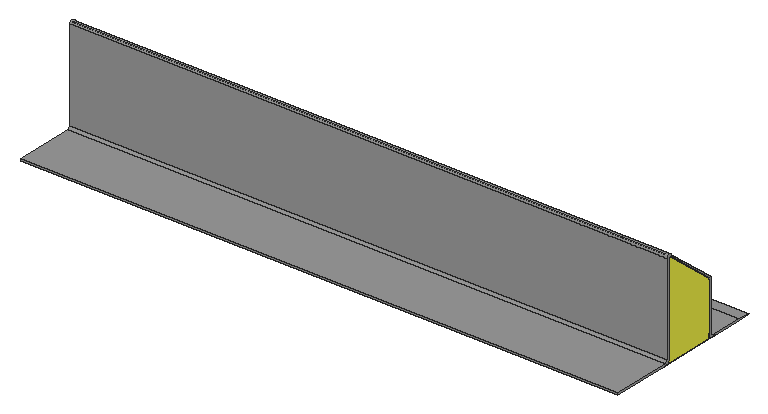
Revit family "XHD K 110 WIL", category Generic Models, Revit 2014
Parameters (values of type "Max lintel length 2100mm")
  URL = "http://www.keystonelintels.co.uk"
  Structural Opening [instance] = 900 mm
  Structural Performance = "The Keystone lintel range has safe working loads as detailed in each applicable loading table in the Keystone Lintel Guide brochure. The structural performance figures within each table have been ascertained by testing in accordance with the requirements of standards BS EN 5977-2: 1983 and BS EN 845-2: 2003."
  RIBA Productor Selector = "available for Keystone Lintels Ltd from Keystone Lintels Ltd from ribaproductselector.com"
  Model = "XHD/K 110 WIL"
  Min Length = 600 mm
  Min Clear Span = 300 mm
  Max Length = 2100 mm
  Max Clear Span = 2100 mm
  Material - Stainless Steel = "Grade 304 2b 1.4307 to BS EN 10088-2. Other grades available on request: contact manufacturer."
  Material - Galvanised Steel = "To BS EN 10346: 2009. DX51D plus Z600 or grade Z275 to BS 5977-2: 1983 (BS EN 845-2: 2003)."
  Manufacturer = "Keystone"
  Manufactured Length [instance] = (roundup(Effective Length / 150 mm) * 150 mm)  # 1200 mm
  Lintel height [instance] = 2100 mm
  Keynote = "F30/755"
  Fire Performance = "Keystone lintels have been subjected to a fire test (WARRES No. 101263) in accordance with BS 476-20: 1987, at Exova Warrington Fire and achieved a one hour fire performance."
  End Bearing = 150 mm
  Effective Length [instance] = Clear Opening with MIN MAX set + End Bearing * 2  # 1200 mm
  Corrosion = "Keystone’s standard range of lintels are manufactured from high quality grade pre-galvanized carbon steel with a zinc coating of 600"
  Contact Tel = "+44 (0)28 8676 2184"
  Contact Email = "info@keystonelintels.co.uk"
  Clear Opening with MIN MAX set [instance] = if(Structural Opening < Min Clear Span, Min Clear Span, (if(Structural Opening > Max Clear Span, Max Clear Span, Structural Opening)))  # 900 mm
  CPD Information = "Available for Keystone Lintels Ltd from ribacpd.com"
Reference planes
  plane 1 "Center (Front/Back)": y = 0
  plane 2: z = 0
  plane 3 "Center (Left/Right)": x = 0
  plane 4: x = -600
  plane 5: x = 600
  plane 6: z = 2100
  plane 7: x = -450
  plane 8: x = 450
Forms (mm)
  Extrusion 1, solid, material "Steel"
    sketch origin (0, 700.959, -513.128) x (0, 1, 0) y (0, 0, 1)
      loop
        line (-553.243, 2612.265) -> (-553.132, 2615.463) -> (-578.137, 2616.328) -> (-643.143, 2616.328)
        arc (-643.143, 2616.328) -> (-646.466, 2617.704) -> (-647.843, 2621.028) r 4.7
        line (-647.843, 2621.028) -> (-647.843, 2720.873)
        arc (-647.843, 2720.873) -> (-648.311, 2722.986) -> (-649.629, 2724.703) r 5
        line (-649.629, 2724.703) -> (-747.926, 2807.185)
        arc (-747.926, 2807.185) -> (-753.253, 2807.886) -> (-756.14, 2803.354) r 5
        line (-756.14, 2803.354) -> (-756.14, 2621.028)
        arc (-756.14, 2621.028) -> (-757.517, 2617.704) -> (-760.84, 2616.328) r 4.7
        line (-760.84, 2616.328) -> (-880.84, 2616.328) -> (-880.84, 2613.128) -> (-760.84, 2613.128)
        arc (-760.84, 2613.128) -> (-755.254, 2615.442) -> (-752.94, 2621.028) r 7.9
        line (-752.94, 2621.028) -> (-752.94, 2803.354)
        arc (-752.94, 2803.354) -> (-751.901, 2804.986) -> (-749.983, 2804.733) r 1.8
        line (-749.983, 2804.733) -> (-651.936, 2722.462)
        arc (-651.936, 2722.462) -> (-651.277, 2721.603) -> (-651.043, 2720.547) r 2.5
        line (-651.043, 2720.547) -> (-651.043, 2621.028)
        arc (-651.043, 2621.028) -> (-648.729, 2615.442) -> (-643.143, 2613.128) r 7.9
        line (-643.143, 2613.128) -> (-578.193, 2613.128) -> (-553.243, 2612.265)
    from -600 to 600
  Extrusion 2, solid, material "Steel"
    sketch origin (0, 700.959, -513.128) x (0, 1, 0) y (0, 0, 1)
      loop
        line (-764.874, 2612.128) -> (-634.874, 2612.128) -> (-634.874, 2613.128) -> (-651.643, 2613.128) -> (-651.643, 2621.128) -> (-652.643, 2621.128) -> (-652.643, 2613.128) -> (-764.874, 2613.128) -> (-764.874, 2612.128)
    from -600 to 600
  Extrusion 3, solid, material "Insulation"
    sketch origin (0, 700.959, -513.128) x (0, 1, 0) y (0, 0, 1)
      loop
        line (-652.643, 2613.128) -> (-652.643, 2621.128) -> (-651.643, 2621.128) -> (-651.643, 2613.128) -> (-643.143, 2613.128)
        arc (-643.143, 2613.128) -> (-648.729, 2615.442) -> (-651.043, 2621.028) r 7.9
        line (-651.043, 2621.028) -> (-651.043, 2720.547)
        arc (-651.043, 2720.547) -> (-651.277, 2721.603) -> (-651.936, 2722.462) r 2.5
        line (-651.936, 2722.462) -> (-749.983, 2804.733)
        arc (-749.983, 2804.733) -> (-751.901, 2804.986) -> (-752.94, 2803.354) r 1.8
        line (-752.94, 2803.354) -> (-752.94, 2621.028)
        arc (-752.94, 2621.028) -> (-755.254, 2615.442) -> (-760.84, 2613.128) r 7.9
        line (-760.84, 2613.128) -> (-652.643, 2613.128)
    from -600 to 600
  Extrusion 4, solid, not visible
    sketch origin (0, 975.364, 1235.642) x (0, 1, 0) y (0, 0, 1)
      loop
        line (-553.243, 1012.265) -> (-553.132, 1015.463) -> (-578.137, 1016.328) -> (-643.143, 1016.328)
        arc (-643.143, 1016.328) -> (-646.466, 1017.704) -> (-647.843, 1021.028) r 4.7
        line (-647.843, 1021.028) -> (-647.843, 1120.873)
        arc (-647.843, 1120.873) -> (-648.311, 1122.986) -> (-649.629, 1124.703) r 5
        line (-649.629, 1124.703) -> (-747.926, 1207.185)
        arc (-747.926, 1207.185) -> (-753.253, 1207.886) -> (-756.14, 1203.354) r 5
        line (-756.14, 1203.354) -> (-756.14, 1021.028)
        arc (-756.14, 1021.028) -> (-757.517, 1017.704) -> (-760.84, 1016.328) r 4.7
        line (-760.84, 1016.328) -> (-880.84, 1016.328) -> (-880.84, 1013.128) -> (-760.84, 1013.128)
        arc (-760.84, 1013.128) -> (-755.254, 1015.442) -> (-752.94, 1021.028) r 7.9
        line (-752.94, 1021.028) -> (-752.94, 1203.354)
        arc (-752.94, 1203.354) -> (-751.901, 1204.986) -> (-749.983, 1204.733) r 1.8
        line (-749.983, 1204.733) -> (-651.936, 1122.462)
        arc (-651.936, 1122.462) -> (-651.277, 1121.603) -> (-651.043, 1120.547) r 2.5
        line (-651.043, 1120.547) -> (-651.043, 1021.028)
        arc (-651.043, 1021.028) -> (-648.729, 1015.442) -> (-643.143, 1013.128) r 7.9
        line (-643.143, 1013.128) -> (-578.193, 1013.128) -> (-553.243, 1012.265)
    from 0 to 250
  Extrusion 5, solid, not visible
    sketch origin (0, 497.416, 1267.087) x (0, 1, 0) y (0, 0, 1)
      loop
        line (-652.643, 1013.128) -> (-652.643, 1021.128) -> (-651.643, 1021.128) -> (-651.643, 1013.128) -> (-643.143, 1013.128)
        arc (-643.143, 1013.128) -> (-648.729, 1015.442) -> (-651.043, 1021.028) r 7.9
        line (-651.043, 1021.028) -> (-651.043, 1120.547)
        arc (-651.043, 1120.547) -> (-651.277, 1121.603) -> (-651.936, 1122.462) r 2.5
        line (-651.936, 1122.462) -> (-749.983, 1204.733)
        arc (-749.983, 1204.733) -> (-751.901, 1204.986) -> (-752.94, 1203.354) r 1.8
        line (-752.94, 1203.354) -> (-752.94, 1021.028)
        arc (-752.94, 1021.028) -> (-755.254, 1015.442) -> (-760.84, 1013.128) r 7.9
        line (-760.84, 1013.128) -> (-652.643, 1013.128)
    from 0 to 250
  Extrusion 6, solid, not visible
    sketch origin (0, 532.246, 1166.795) x (0, 1, 0) y (0, 0, 1)
      loop
        line (-764.874, 1012.128) -> (-634.874, 1012.128) -> (-634.874, 1013.128) -> (-651.643, 1013.128) -> (-651.643, 1021.128) -> (-652.643, 1021.128) -> (-652.643, 1013.128) -> (-764.874, 1013.128) -> (-764.874, 1012.128)
    from 0 to 250
Dimensions and locks
  equal spacing: plane 4, plane 3 "Center (Left/Right)", plane 5
  "Manufactured Length": plane 4 to plane 5
  "Lintel height": plane 6 to level
  "Structural Opening": plane 7 to plane 8
  equal spacing: plane 7, plane 3 "Center (Left/Right)", plane 8
  aligned and locked: level to plane 2
  aligned and locked: Extrusion 1 to plane 6
  aligned and locked: Extrusion 3 to plane 6
  aligned and locked: plane 6 to Extrusion 2
  aligned and locked: plane 5 to Extrusion 1
  aligned and locked: Extrusion 1 to plane 4
  aligned and locked: plane 5 to Extrusion 3
  aligned and locked: Extrusion 3 to plane 4
  aligned and locked: plane 5 to Extrusion 2
  aligned and locked: Extrusion 2 to plane 4
Automatic sketch dimensions
  Extrusion 1 sketch curve to Extrusion 1 sketch curve = 64.95 mm
  Extrusion 1 sketch curve to Extrusion 1 sketch curve = 24.95 mm
  Extrusion 1 sketch curve to Extrusion 1 sketch curve = 0.863 mm
  Extrusion 1 sketch curve to Extrusion 1 sketch curve = 0.111 mm
  Extrusion 1 sketch curve to Extrusion 1 sketch curve = 0.055 mm
  Extrusion 1 sketch curve to Extrusion 1 sketch curve = 0 mm  (x13)
  Extrusion 1 sketch curve to Extrusion 1 sketch curve = 4.7 mm  (x2)
  Extrusion 1 sketch curve to Extrusion 1 sketch curve = 99.845 mm
  Extrusion 1 sketch curve to Extrusion 1 sketch curve = 0.326 mm
  Extrusion 1 sketch curve to Extrusion 1 sketch curve = 2.5 mm
  Extrusion 1 sketch curve to Extrusion 1 sketch curve = 0.893 mm
  Extrusion 1 sketch curve to Extrusion 1 sketch curve = 98.047 mm
  Extrusion 1 sketch curve to Extrusion 1 sketch curve = 82.272 mm
  Extrusion 1 sketch curve to Extrusion 1 sketch curve = 0.7 mm
  Extrusion 1 sketch curve to Extrusion 1 sketch curve = 2.307 mm
  Extrusion 1 sketch curve to Extrusion 1 sketch curve = 2.057 mm
  Extrusion 1 sketch curve to Extrusion 1 sketch curve = 2.451 mm
  Extrusion 1 sketch curve to Extrusion 1 sketch curve = 1.157 mm
  Extrusion 1 sketch curve to Extrusion 1 sketch curve = 1.379 mm
  Extrusion 1 sketch curve to Extrusion 1 sketch curve = 120 mm
  Extrusion 2 sketch curve to Extrusion 2 sketch curve = 130 mm
  Extrusion 2 sketch curve to Extrusion 2 sketch curve = 1 mm  (x2)
  Extrusion 2 sketch curve to Extrusion 2 sketch curve = 16.769 mm
  Extrusion 2 sketch curve to Extrusion 2 sketch curve = 8 mm
  Extrusion 2 sketch curve to Extrusion 2 sketch curve = 0 mm
  Extrusion 3 sketch curve to Extrusion 3 sketch curve = 100.297 mm
  Extrusion 3 sketch curve to Extrusion 3 sketch curve = 1 mm
  Extrusion 3 sketch curve to Extrusion 3 sketch curve = 0.6 mm
  Extrusion 3 sketch curve to Extrusion 3 sketch curve = 7.9 mm  (x3)
  Extrusion 3 sketch curve to Extrusion 3 sketch curve = 0 mm  (x3)
  Extrusion 3 sketch curve to Extrusion 3 sketch curve = 0.1 mm
  Extrusion 3 sketch curve to Extrusion 3 sketch curve = 99.419 mm
  Extrusion 3 sketch curve to Extrusion 3 sketch curve = 1.157 mm
  Extrusion 3 sketch curve to Extrusion 3 sketch curve = 1.379 mm
  Extrusion 3 sketch curve to Extrusion 3 sketch curve = 0.893 mm
  Extrusion 3 sketch curve to Extrusion 3 sketch curve = 1.915 mm
  Extrusion 3 sketch curve to Extrusion 3 sketch curve = 9.7 mm
  Extrusion 3 sketch curve to Extrusion 3 sketch curve = 80.893 mm
  Extrusion 4 sketch curve to Extrusion 4 sketch curve = 64.95 mm
  Extrusion 4 sketch curve to Extrusion 4 sketch curve = 24.95 mm
  Extrusion 4 sketch curve to Extrusion 4 sketch curve = 0.863 mm
  Extrusion 4 sketch curve to Extrusion 4 sketch curve = 0.111 mm
  Extrusion 4 sketch curve to Extrusion 4 sketch curve = 0.055 mm
  Extrusion 4 sketch curve to Extrusion 4 sketch curve = 0 mm  (x13)
  Extrusion 4 sketch curve to Extrusion 4 sketch curve = 4.7 mm  (x2)
  Extrusion 4 sketch curve to Extrusion 4 sketch curve = 99.845 mm
  Extrusion 4 sketch curve to Extrusion 4 sketch curve = 0.326 mm
  Extrusion 4 sketch curve to Extrusion 4 sketch curve = 2.5 mm
  Extrusion 4 sketch curve to Extrusion 4 sketch curve = 0.893 mm
  Extrusion 4 sketch curve to Extrusion 4 sketch curve = 98.047 mm
  Extrusion 4 sketch curve to Extrusion 4 sketch curve = 82.272 mm
  Extrusion 4 sketch curve to Extrusion 4 sketch curve = 0.7 mm
  Extrusion 4 sketch curve to Extrusion 4 sketch curve = 2.307 mm
  Extrusion 4 sketch curve to Extrusion 4 sketch curve = 2.057 mm
  Extrusion 4 sketch curve to Extrusion 4 sketch curve = 2.451 mm
  Extrusion 4 sketch curve to Extrusion 4 sketch curve = 1.157 mm
  Extrusion 4 sketch curve to Extrusion 4 sketch curve = 1.379 mm
  Extrusion 4 sketch curve to Extrusion 4 sketch curve = 120 mm
  Extrusion 5 sketch curve to Extrusion 5 sketch curve = 100.297 mm
  Extrusion 5 sketch curve to Extrusion 5 sketch curve = 1 mm
  Extrusion 5 sketch curve to Extrusion 5 sketch curve = 0.6 mm
  Extrusion 5 sketch curve to Extrusion 5 sketch curve = 7.9 mm  (x3)
  Extrusion 5 sketch curve to Extrusion 5 sketch curve = 0 mm  (x3)
  Extrusion 5 sketch curve to Extrusion 5 sketch curve = 0.1 mm
  Extrusion 5 sketch curve to Extrusion 5 sketch curve = 99.419 mm
  Extrusion 5 sketch curve to Extrusion 5 sketch curve = 1.157 mm
  Extrusion 5 sketch curve to Extrusion 5 sketch curve = 1.379 mm
  Extrusion 5 sketch curve to Extrusion 5 sketch curve = 0.893 mm
  Extrusion 5 sketch curve to Extrusion 5 sketch curve = 1.915 mm
  Extrusion 5 sketch curve to Extrusion 5 sketch curve = 9.7 mm
  Extrusion 5 sketch curve to Extrusion 5 sketch curve = 80.893 mm
  Extrusion 6 sketch curve to Extrusion 6 sketch curve = 130 mm
  Extrusion 6 sketch curve to Extrusion 6 sketch curve = 1 mm  (x2)
  Extrusion 6 sketch curve to Extrusion 6 sketch curve = 16.769 mm
  Extrusion 6 sketch curve to Extrusion 6 sketch curve = 8 mm
  Extrusion 6 sketch curve to Extrusion 6 sketch curve = 0 mm
  Extrusion 1 sketch curve to plane 6 = 0 mm
  plane 1 "Center (Front/Back)" to Extrusion 1 sketch curve = 179.881 mm
  Extrusion 2 sketch curve to plane 6 = 0 mm
  plane 1 "Center (Front/Back)" to Extrusion 2 sketch curve = 63.915 mm
  Extrusion 3 sketch curve to plane 6 = 0 mm
  plane 1 "Center (Front/Back)" to Extrusion 3 sketch curve = 59.881 mm
